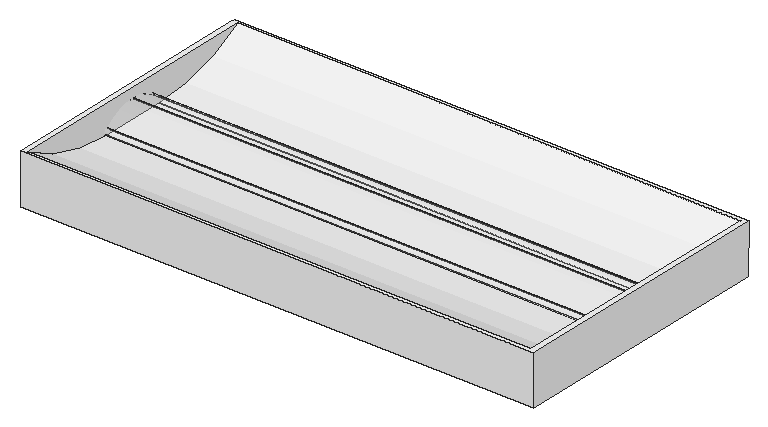
Revit family "SCCT-SM", category Lighting Fixtures, host Face, Revit 2014
Parameters (values of type "SCCT-SM-24")
  zz Length = Row Length - 0.083333 ft  # 3.916667 ft
  Width = 2.083333 ft
  Wattage = 29 W
  Warranty = "Five-year warranty."  # constant formula
  built-in parameter 1150110 = 1 (stored number, unit not read)
  Voltage = 120 V
  Wattage Comments = "40-178 W"  # constant formula
  URL = "https://www.hubbell.com/hubbelllightingci/en/"
  built-in parameter 1114217 = 1 (stored number, unit not read)
  Tilt Angle = 60.00°
  built-in parameter 1150109 = 1 (stored number, unit not read)
  built-in parameter 1150134 = 3
  built-in parameter 1150113 = 1 (stored number, unit not read)
  Product Documentation Link = "https://hubbellcdn.com/specsheet/HLI_SCCT_spec.pdf"
  Photometric Web File = "generic"
  built-in parameter 1150142 = (empty or 0)
  Model = "SCCT"  # constant formula
  Manufacturer = "Hubbell Lighting"  # constant formula
  Row Length = 4.000 ft
  built-in parameter 1150105 = 242.31 (stored number, unit not read)
  Lumens = 3045 lm
  built-in parameter 1150115 = 1 (stored number, unit not read)
  Load Classification = Other
  built-in parameter 1150137 = (empty or 0)
  built-in parameter 1150139 = (empty or 0)
  built-in parameter 1150112 = 1 (stored number, unit not read)
  built-in parameter 1150114 = 1 (stored number, unit not read)
  Lamp = "LED Lamp"  # constant formula
  Light Bulb = Hubbell - White Glass
  built-in parameter 1150132 = (empty or 0)
  built-in parameter 1150102 = (empty or 0)
  built-in parameter 1150107 = 3200 (stored number, unit not read)
  built-in parameter 1150138 = (empty or 0)
  built-in parameter 1150106 = 2.4231 (stored number, unit not read)
  Height = 0.385833 ft
  Features = "with continuous disinfection\r\n• Option 2: Blended Plus — SpectraClean enhanced white light with a high\r\nintensity, Dedicated SpectraClean mode for scheduled maximum disinfection\r\n• Option 3: Independent — Alternates between pure white light and Dediciated\r\nSpectraClean mode for scheduled maximum disinfection\r\n• High performance white reflector with matte white paint standard\r\n• Acrylic center lens features linear prisms for high performance\r\nwithout pixelation\r\n• LED modules and electrical accessible from below"  # constant formula
  Emit from Rectangle Width = Width  # 2.083333 ft
  Emit from Rectangle Length = Row Length  # 4.000 ft
  Emit Shape Visible in Rendering = no
  built-in parameter 1150104 = 9.7548 (stored number, unit not read)
  Dimming Lamp Color Temperature Shift = <None>
  Description = "COMMERCIAL TROFFER WITH SPECTRACLEAN™ ANTIMICROBIAL LIGHTING"  # constant formula
  Default Elevation = 4.000 ft
  Color Filter = 16777215
  built-in parameter 1114218 = 1 (stored number, unit not read)
  Backbox = Hubbell - White
  built-in parameter 1150133 = 10 (stored number, unit not read)
  Apparent Load = 62 VA  # constant formula
Types (4, lengths in ft): name | zz Length | Width | URL | Row Length | Load Classification | Height | Emit from Rectangle Width | Emit from Rectangle Length
  (no name) | 3.916667 | 2.083333 | "https://www.hubbell.com/hubbelllightingci/en/" | 4.000 | Other | 0.385833 | 2.083333 | 4.000
  LCAT-SM-14 | 3.916667 | 1.000 | "https://www.hubbell.com/hubbelllightingci/en" | 4.000 | Lighting | 0.333333 | 1.000 | 4.000
  LCAT-SM-22 | 1.916667 | 1.979167 | "https://www.hubbell.com/hubbelllightingci/en" | 2.000 | Other | 0.385833 | 1.979167 | 2.000
  SCCT-SM-24 | 3.916667 | 2.083333 | "https://www.hubbell.com/hubbelllightingci/en/" | 4.000 | Other | 0.385833 | 2.083333 | 4.000
Reference planes (ft)
  plane 1 "Center (Front/Back)": y = 0.003333
  plane 2: z = 0
  plane 3 "Center (Left/Right)": x = 0.13912
  plane 4: x = -1.86088
  plane 5: x = 2.13912
Dimensions and locks (ft)
  equal spacing: plane 5, plane 3 "Center (Left/Right)", plane 4
  "Row Length": plane 5 to plane 4
  aligned and locked: plane 2 to host face
  aligned and locked: level to host face
  aligned and locked: plane 3 "Center (Left/Right)" to nested 1
  aligned and locked: plane 1 "Center (Front/Back)" to nested 1
  aligned and locked: plane 3 "Center (Left/Right)" to imposter light
  aligned and locked: imposter light to plane 1 "Center (Front/Back)"
Automatic sketch dimensions
  host sketch curve to host sketch curve = 8.000 ft  (x2)
Nested families (ft)
  nested 1: "LED Contemporary Architectural Troffer" at (0.13912, 0.003333, 0), Row Length <- "Row Length", Width <- "Width", Glass <- "Light Bulb", Finish <- "Backbox", Height <- "Height", type "LED Contemporary Architectural Troffer"
    with Width 2.083333 ft, Row Length 4.000 ft, Height 0.385833 ft, Glass Hubbell - White Glass, Finish Hubbell - White
Connectors (ft)
  electrical at (0, 0, 0), driven by "Voltage", driven by "Description", driven by "Load Classification"
    settings: on host face, index 1, voltage 120 V, apparent load 0 VA, apparent load phase1 0 VA, apparent load phase2 0 VA, apparent load phase3 0 VA, power factor 1, load classification "Other", number of poles 1, system type 30, power factor state 1, is connector primary yes, connector utility no, sub classification motor no, connector description "COMMERCIAL TROFFER WITH SPECTRACLEAN™ ANTIMICROBIAL LIGHTING"
Definition of nested family "LED Contemporary Architectural Troffer"
  Parameters (values of type "LED Contemporary Architectural Troffer")
    Width [instance] = 2.000 ft
    Row Length [instance] = 2.000 ft
    Height [instance] = 0.385417 ft
    Glass [instance] = none
    Finish [instance] = none
    Default Elevation = 4.000 ft
  Reference planes (ft)
    plane 1 "Center (Front/Back)": y = 0
    plane 2: z = 0
    plane 3 "Center (Left/Right)": x = 0
    plane 4: x = 1
    plane 5: x = -1
    plane 6: y = -1
    plane 7: y = 1
    plane 8: z = 0.385417
    plane 9: x = -0.958333
    plane 10: x = 0.958333
    plane 11: y = -0.25
    plane 12: y = 0.25
    plane 13: z = 0.166667
    plane 14: y = -0.979167
    plane 15: y = 0.979167
    plane 16: z = 0.020833
  Forms (ft)
    Extrusion 1, solid
      sketch origin (0, 0, 0) x (1, 0, 0) y (0, 1, 0)
        loop
          line (-4, 4) -> (-4, -4) -> (4, -4) -> (4, 4) -> (-4, 4)
      from 0 to -1
    Extrusion 2, solid, material <- "Glass"
      sketch origin (0, 0, 0) x (0, 1, 0) y (0, 0, 1)
        loop
          arc (-0.25045, 0.166667) -> (-0.271283, 0.1875) -> (-0.25045, 0.208333) r 0.020833
          arc (-0.25045, 0.208333) -> (-0.135194, 0.283596) -> (0, 0.309496) r 0.355919
          arc (0, 0.309496) -> (0.135194, 0.283596) -> (0.25045, 0.208333) r 0.355919
          arc (0.25045, 0.208333) -> (0.271283, 0.1875) -> (0.25045, 0.166667) r 0.020833
          line (0.25045, 0.166667) -> (0.25045, 0.158186)
          arc (0.25045, 0.158186) -> (0.279683, 0.187419) -> (0.25045, 0.216651) r 0.029233
          arc (0.25045, 0.216651) -> (0.134867, 0.290829) -> (0, 0.316769) r 0.363081
          arc (0, 0.316769) -> (-0.134867, 0.290829) -> (-0.25045, 0.216651) r 0.363081
          arc (-0.25045, 0.216651) -> (-0.279683, 0.187419) -> (-0.25045, 0.158186) r 0.029233
          line (-0.25045, 0.158186) -> (-0.25045, 0.166667)
      from -0.958333 to 0.958333
    Extrusion 3, solid, material <- "Finish"
      sketch origin (0, 0, 0) x (0, 1, 0) y (0, 0, 1)
        loop
          line (-1, 0.385417) -> (-1, 0) -> (1, 0) -> (1, 0.385417) -> (-1, 0.385417)
      from 0.958333 to 1
    Extrusion 4, solid, material <- "Finish"
      sketch origin (0, 0, 0) x (0, 1, 0) y (0, 0, 1)
        loop
          line (1, 0.385417) -> (-1, 0.385417) -> (-1, 0) -> (1, 0) -> (1, 0.385417)
      from -1 to -0.958333
    Extrusion 5, solid, material <- "Finish"
      sketch origin (0, 0, 0) x (0, 1, 0) y (0, 0, 1)
        loop
          line (-1, 0) -> (1, 0) -> (1, 0.385417) -> (0.979167, 0.385417) -> (0.979167, 0.020833) -> (-0.979167, 0.020833) -> (-0.979167, 0.385417) -> (-1, 0.385417) -> (-1, 0)
      from -0.958333 to 0.958333
    Extrusion 6, solid, material <- "Finish"
      sketch origin (0, 0, 0) x (0, 1, 0) y (0, 0, 1)
        loop
          arc (-0.25, 0.166667) -> (-0.630636, 0.222532) -> (-0.979167, 0.385417) r 1.324653
          line (-0.979167, 0.385417) -> (-0.979167, 0.020833) -> (0.979167, 0.020833) -> (0.979167, 0.385417)
          arc (0.979167, 0.385417) -> (0.630636, 0.222532) -> (0.25, 0.166667) r 1.324653
          line (0.25, 0.166667) -> (-0.25, 0.166667)
      from -1 to 1
  Cuts and joins
    joined: Extrusion 3, Extrusion 4, Extrusion 5, Extrusion 6
  Dimensions and locks (ft)
    equal spacing: plane 4, plane 3 "Center (Left/Right)", plane 5
    "Row Length": plane 4 to plane 5
    equal spacing: plane 6, plane 1 "Center (Front/Back)", plane 7
    "Width": plane 6 to plane 7
    "Height": plane 8 to plane 2
    equal spacing: plane 10, plane 3 "Center (Left/Right)", plane 9
    locked: plane 9 to plane 5 at 0.041667
    equal spacing: plane 11, plane 1 "Center (Front/Back)", plane 12
    locked: plane 11 to plane 1 "Center (Front/Back)" at 0.25
    locked: plane 6 to plane 14 at 0.020833
    equal spacing: plane 14, plane 1 "Center (Front/Back)", plane 15
    locked: plane 16 to level at 0.020833
    level to Extrusion 5 = 0.385417 ft
    aligned and locked: plane 2 to Extrusion 1
    aligned and locked: level to Extrusion 1
    aligned and locked: Extrusion 2 to plane 10
    aligned and locked: Extrusion 2 to plane 9
    aligned and locked: plane 8 to Extrusion 3 sketch curve
    aligned and locked: plane 6 to Extrusion 3 sketch curve
    aligned and locked: level to Extrusion 3 sketch curve
    aligned and locked: Extrusion 3 sketch curve to plane 7
    aligned and locked: plane 4 to Extrusion 3
    aligned and locked: plane 10 to Extrusion 3
    aligned and locked: Extrusion 4 sketch curve to Extrusion 3  (x4)
    aligned and locked: Extrusion 4 to plane 5
    aligned and locked: plane 9 to Extrusion 4
    aligned and locked: Extrusion 5 sketch curve to Extrusion 3  (x4)
    aligned and locked: plane 8 to Extrusion 5 sketch curve
    aligned and locked: Extrusion 5 sketch curve to plane 14
    aligned and locked: plane 16 to Extrusion 5 sketch curve
    aligned and locked: Extrusion 5 sketch curve to plane 15
    aligned and locked: Extrusion 5 to plane 10
    aligned and locked: Extrusion 5 to plane 9
    aligned and locked: plane 13 to Extrusion 6 sketch curve
    aligned and locked: plane 12 to Extrusion 6 sketch curve
    aligned and locked: plane 11 to Extrusion 6 sketch curve
    aligned and locked: Extrusion 6 sketch curve to plane 14
    aligned and locked: plane 16 to Extrusion 6 sketch curve
    aligned and locked: Extrusion 6 sketch curve to plane 15
    aligned and locked: plane 4 to Extrusion 6
    aligned and locked: Extrusion 6 to plane 5
  Automatic sketch dimensions
    Extrusion 1 sketch curve to Extrusion 1 sketch curve = 8.000 ft  (x2)
    plane 13 to Extrusion 2 sketch curve = 0.000 ft  (x2)
    Extrusion 2 sketch curve to plane 1 "Center (Front/Back)" = 0.000 ft  (x2)
    plane 1 "Center (Front/Back)" to Extrusion 2 sketch curve = 0.000094 ft
    Extrusion 2 sketch curve to Extrusion 2 sketch curve = 0.0018 ft  (x2)
    Extrusion 2 sketch curve to plane 11 = 0.00045 ft
    Extrusion 2 sketch curve to plane 1 "Center (Front/Back)" = 0.000094 ft
    Extrusion 2 sketch curve to plane 12 = 0.00045 ft
    plane 13 to Extrusion 2 sketch curve = 0.008481 ft  (x2)
    Extrusion 2 sketch curve to level = 0.046313 ft
    Extrusion 2 sketch curve to Extrusion 2 sketch curve = 0.000 ft
    Extrusion 2 sketch curve to Extrusion 2 sketch curve = 0.000105 ft  (x2)
    Extrusion 2 sketch curve to Extrusion 2 sketch curve = 0.020752 ft
    Extrusion 2 sketch curve to Extrusion 2 sketch curve = 0.000081 ft
    plane 8 to Extrusion 6 sketch curve = 0.000 ft  (x2)
